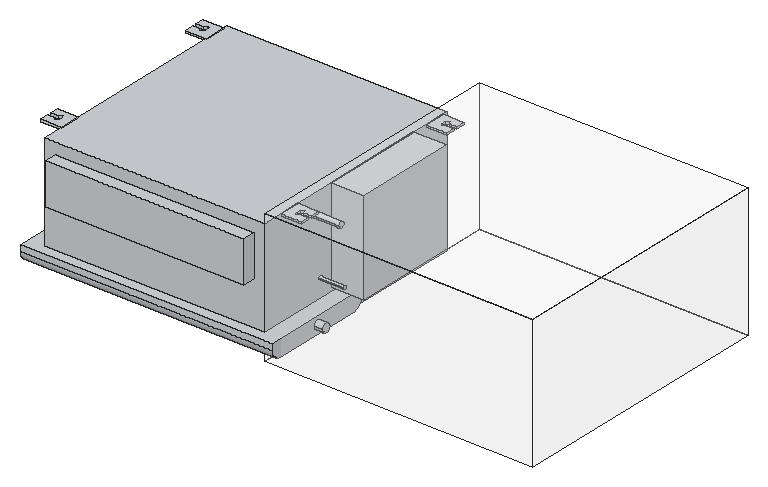
Revit family "pefy-p22_36mlg7(-r)_50Hz", category 機械設備, Revit 2019
Family settings
  丸型コネクタ寸法 = 直径を使用
  パーツ タイプ = 標準
  OmniClass 番号 = 23.75.10.24.21.27.27
  OmniClass タイトル = Split System Air Conditioning Units
  作業面ベース = いいえ
  常に垂直 = はい
  ロード時にボイドで切り取り = いいえ
  共有 = いいえ
  部屋計算ポイント = はい
Parameters (values of type "PEFY-P36MLG7-R")
  騒音レベル（弱）(dB) = 46
  騒音レベル（中）(dB) = 47
  風量（弱）（m3／min） = 4.8
  風量（中）（m3／min） = 5.8
  風量（m3／min） = 9.3
  音響パワーレベル(dB) = 53
  電圧_電気ヒーター = 0 V
  電動機出力_送風機 = 28 W
  運転質量 = 0.00 kg
  説明 = "ビル用マルチエアコン 室内ユニット 天井埋込形"
  設計暖房能力 [instance] = 0 kW
  設計冷房能力_顕熱 [instance] = 0 kW
  設計冷房能力 [instance] = 0 kW
  設置方法 = "天井吊(隠ぺい)形"
  製造元 = "三菱電機株式会社"
  製品質量 = 18.00 kg
  製品出荷対象 = "国内"
  製品リリース年月 = "2020年7月22日"
  製品グループ = ""
  表示 = no
  系統 [instance] = ""
  相_電気ヒーター = 1
  盤記号 [instance] = ""
  特殊仕様 [instance] = ""
  消費電力_電気ヒーター = 0 W
  消費電力_暖房 = 80 W
  消費電力_加湿器 = 0 W
  消費電力_冷房 = 80 W
  消費電力 = if(消費電力_冷房 > 消費電力_暖房, 消費電力_冷房, 消費電力_暖房) + 消費電力_加湿器 + 消費電力_電気ヒーター  # 80 W
  法定耐用年数 = "15"
  機外静圧 = 5.0 Pa
  極数 = 1
  材質 [instance] = ""
  形式_加湿器 = ""
  形式 = "天井吊（隠ぺい）形（両ダクト形）"
  幹線記号 [instance] = ""
  呼称 = "室内機_天井吊(隠ぺい)形(両ダクト形)"
  台数_手元リモコン [instance] = ""
  台数_冷媒分岐ユニット [instance] = ""
  参照している仕様書等のバージョン = "公共建築工事標準仕様書（機械設備工事編）平成31年度版"
  加湿給水管径 = 0.00 mm
  分類コード = "50053003221070"
  分類グループ = ""
  冷媒高低圧ガス管径 = 0.00 mm
  価格 = 0
  企業コード = "108420"
  付属品_フィルター = ""
  付属品 [instance] = ""
  仕様書バージョン = "Version1.0"
  モデル = "PEFY-P36MLG7-R"
  コメント [instance] = ""
  Keynote = ""
  Width = 530 mm
  Version = ""
  Uniclass2015Version = "Systems v1.9"
  Uniclass2015Title = "Split coil remote air cooled condensing units"
  Uniclass2015Code = "Pr_70_65_03_84"
  URL = "https://www.mitsubishielectric.co.jp/ldg/wink/ssl/displayProduct.do?pid=307519&ccd=2020121014"
  SpecificationReference = ""
  SpecificationDescription = ""
  風量 = MAX風量  # 558.0 m³/h
  電源種別 = ""
  電圧 = 200 V
  連動 = ""
  質量 = if(製品質量 > 運転質量, 製品質量, 運転質量) * 1.2  # 21.60 kg
  負荷分類 = 10_ファンコイル類
  記号 [instance] = ""
  符号 = "ACP-CID"
  積算_科目 = "1 空気調和設備"
  積算_拾い区分 [instance] = ""
  相 = 1
  発停方法 = ""
  火災停止 = ""
  本体マテリアル = none
  有効加湿量 = 0
  暖房能力 = 4 kW
  始動方式 = "直入"
  周波数 = 50 Hz
  冷房能力 = 3.6 kW
  冷媒管径符号 = "Ac"
  冷媒管径 = 100.00 mm
  冷媒液管径 = 6.35 mm
  冷媒ガス管径 = 12.70 mm
  ドレン管径 = 27.20 mm
  Revision = ""
  R-表示 = yes
  ProductInformation = ""
  OmniClassCode = "23-33 17 13 11"
  MIN風量 = 風量（弱）（m3／min） * 60.0 m³/h  # 288.0 m³/h
  MID風量 = 風量（中）（m3／min） * 60.0 m³/h  # 348.0 m³/h
  MAX風量 = 風量（m3／min） * 60.0 m³/h  # 558.0 m³/h
  IfcTypeProduct = ""
  IfcProduct = ""
  IfcExportType = "AIRCONDITIONINGUNIT"
  IfcExportAs = "IfcUnitaryEquipmentType"
  Height = 300 mm
  Depth = 550 mm
  Author = "三菱電機株式会社"
Types (6, lengths in mm): name | 騒音レベル（弱）(dB) | 騒音レベル（中）(dB) | 風量（m3／min） | 音響パワーレベル(dB) | 電動機出力_送風機 | 表示 | 消費電力_暖房 | 消費電力_冷房 | 消費電力 | モデル | URL | 風量 | 暖房能力 | 冷房能力 | R-表示 | MAX風量
  PEFY-P22MLG7 | 44 | 46 | 7.9 | 49 | 23 W | yes | 60 W | 60 W | 60 W | "PEFY-P22MLG7" | "https://www.mitsubishielectric.co.jp/ldg/wink/ssl/displayProduct.do?pid=307577" | 474.0 m³/h | 2.5 kW | 2.2 kW | no | 474.0 m³/h
  PEFY-P22MLG7-R | 44 | 46 | 7.9 | 49 | 23 W | no | 60 W | 60 W | 60 W | "PEFY-P22MLG7-R" | "https://www.mitsubishielectric.co.jp/ldg/wink/ssl/displayProduct.do?pid=307579&ccd=2020121014" | 474.0 m³/h | 2.5 kW | 2.2 kW | yes | 474.0 m³/h
  PEFY-P28MLG7 | 45 | 46 | 7.9 | 50 | 23 W | yes | 60 W | 60 W | 60 W | "PEFY-P28MLG7" | "https://www.mitsubishielectric.co.jp/ldg/wink/ssl/displayProduct.do?pid=307578&ccd=2020121014" | 474.0 m³/h | 3.2 kW | 2.8 kW | no | 474.0 m³/h
  PEFY-P28MLG7-R | 45 | 46 | 7.9 | 50 | 23 W | no | 60 W | 60 W | 60 W | "PEFY-P28MLG7-R" | "https://www.mitsubishielectric.co.jp/ldg/wink/ssl/displayProduct.do?pid=307518&ccd=2020121014" | 474.0 m³/h | 3.2 kW | 2.8 kW | yes | 474.0 m³/h
  PEFY-P36MLG7 | 46 | 47 | 9.3 | 53 | 28 W | yes | 80 W | 80 W | 80 W | "PEFY-P36MLG7" | "https://www.mitsubishielectric.co.jp/ldg/wink/ssl/displayProduct.do?pid=307509&ccd=2020121014" | 558.0 m³/h | 4 kW | 3.6 kW | no | 558.0 m³/h
  PEFY-P36MLG7-R | 46 | 47 | 9.3 | 53 | 28 W | no | 80 W | 80 W | 80 W | "PEFY-P36MLG7-R" | "https://www.mitsubishielectric.co.jp/ldg/wink/ssl/displayProduct.do?pid=307519&ccd=2020121014" | 558.0 m³/h | 4 kW | 3.6 kW | yes | 558.0 m³/h
Reference planes
  plane 1 "中心(正面/背面)": y = 0
  plane 2: z = 0
  plane 3 "中心(左/右)": x = 0
  plane 4 "左": x = -265
  plane 5 "右": x = 265
  plane 6 "正面": y = -275
  plane 7 "背面": y = 275
  plane 8: z = 300
  plane 9: z = 320
  plane 10: z = -20
  plane 11: y = 375
  plane 12: y = -375
  plane 13: x = -915
  plane 14: x = -465
  plane 15: x = 915
  plane 16: x = 465
Lines and regions (mm)
  Masking region 1, detail levels coarse+medium
    outline origin (0, 0, 0) x (1, 0, 0) y (0, 1, 0)
      loop
        line (-265, 275) -> (-265, -275) -> (265, -275) -> (265, 275) -> (-265, 275)
Dimensions and locks
  "Height": plane 8 to level
  equal spacing: plane 4 "左", plane 3 "中心(左/右)", plane 5 "右"
  "Width": plane 4 "左" to plane 5 "右"
  equal spacing: plane 6 "正面", plane 1 "中心(正面/背面)", plane 7 "背面"
  "Depth": plane 6 "正面" to plane 7 "背面"
  locked: plane 9 to plane 8 at 20
  locked: plane 2 to plane 10 at 20
  locked: plane 13 to plane 4 "左" at 650
  locked: plane 13 to plane 14 at 450
  locked: plane 6 "正面" to plane 11 at 650
  locked: plane 12 to plane 7 "背面" at 650
  locked: plane 5 "右" to plane 15 at 650
  locked: plane 16 to plane 15 at 450
  aligned and locked: level to plane 2
  aligned and locked: plane 10 to nested 3
  aligned and locked: plane 9 to nested 3
  aligned and locked: plane 2 to nested 4
  aligned and locked: plane 9 to nested 4
  aligned and locked: nested 2 to plane 3 "中心(左/右)"
  aligned and locked: nested 2 to plane 1 "中心(正面/背面)"
  aligned and locked: plane 15 to nested 4
  aligned and locked: plane 11 to nested 4
  aligned and locked: plane 5 "右" to nested 4
  aligned and locked: plane 6 "正面" to nested 4
  aligned and locked: plane 4 "左" to nested 3
  aligned and locked: plane 13 to nested 3
  aligned and locked: plane 1 "中心(正面/背面)" to nested 1
  aligned and locked: nested 1 to plane 3 "中心(左/右)"
  aligned and locked: plane 6 "正面" to nested 3
  aligned and locked: plane 11 to nested 3
Automatic sketch dimensions
  Masking region 1 sketch curve to plane 4 "左" = 0 mm
  Masking region 1 sketch curve to plane 5 "右" = 0 mm
  plane 6 "正面" to Masking region 1 sketch curve = 0 mm
  plane 7 "背面" to Masking region 1 sketch curve = 0 mm
Nested families
  nested 1: "PEFY-P-MLG" at (0, 0, 0) x (0, -1, 0) z (0, 0, 1), 表示 <- "表示", ①奥行き <- "Width", ①幅 <- "Depth", ①高さ <- "Height", ガス径 <- "冷媒ガス管径", ドレン径 <- "ドレン管径", 配管径 <- "冷媒管径", 液径 <- "冷媒液管径", type "PEFY-P-MLG"
    with 配管径 100 mm, 表示 no, 液径 6.35 mm, 液W 27 mm, 液H 153 mm, 液D 62 mm, 吊りボルトW 439 mm, 吊りボルトH 0 mm, 吊りボルトD 584 mm, 加湿器径 0 mm, 加湿器W 0 mm, 加湿器H 0 mm, 加湿器D 0 mm, ドレン径 27.2 mm, ドレンW 109 mm, ドレンH 252 mm, ドレンD 62 mm, ダクト高 100 mm, ダクト幅 480 mm, ガス径 12.7 mm, ガスW 139 mm, ガスH 37 mm, ガスD 75 mm, ①高さ 300 mm, ①幅 550 mm, ①奥行き 530 mm
  nested 2: "PEFY-P-MLG" at (0, 0, 0) x (0, -1, 0) z (0, 0, 1), 表示 <- "R-表示", type "PEFY-P-MLG"
    with 配管径 100 mm, 表示 yes, 液径 6.35 mm, 液W 27 mm, 液H 153 mm, 液D 62 mm, 吊りボルトW 439 mm, 吊りボルトH 0 mm, 吊りボルトD 584 mm, 加湿器径 0 mm, 加湿器W 0 mm, 加湿器H 0 mm, 加湿器D 0 mm, ドレン径 20 mm, ドレンW 109 mm, ドレンH 252 mm, ドレンD 62 mm, ダクト高 100 mm, ダクト幅 480 mm, ガス径 12.7 mm, ガスW 139 mm, ガスH 37 mm, ガスD 75 mm, ①高さ 300 mm, ①幅 550 mm, ①奥行き 530 mm
  nested 3: "サービススペース(PEFY-P-MLG)" at (-590, 50, 150), visible <- "表示", type "サービススペース(PEFY-P-MLG)"
    with Width 650 mm, Height 340 mm, Depth 650 mm
  nested 4: "サービススペース(PEFY-P-MLG)" at (590, 50, 160), visible <- "R-表示", type "サービススペース(PEFY-P-MLG)"
    with Width 650 mm, Height 320 mm, Depth 650 mm
Connectors
  electrical at (-345, 50, 187.5), driven by "極数", driven by "負荷分類", driven by "電圧", driven by "消費電力"
    settings: on nested 1, index 1, voltage 200 V, apparent load 80 VA, apparent load phase1 0 VA, apparent load phase2 0 VA, apparent load phase3 0 VA, power factor 1, load classification "10_ファンコイル類", number of poles 1, system type 30, power factor state 1, is connector primary yes, connector utility no, sub classification motor no, connector description ""
  piping at (-327, -166, 48), diameter 27.2, driven by "ドレン管径"
    settings: on nested 1, index 2, connector inside diameter 609.60 mm, connector length 0 mm, flow factor 0, pipe flow 0.0 L/s, pressure drop 0.0 Pa, fitting loss kfactor 0, connector angle 0.00°, fixture units 0, engagement length 0 mm, angle of deflection 0.00°, flow configuration 1, flow direction 2, fitting loss method 4, system type 16, joint type 0, gender type 0, connector reference index -1, connector utility 0, adjustable connector no, is connector primary yes, connector description ""
  piping at (-327, -109, 110), diameter 6.35, driven by "冷媒液管径"
    settings: on nested 1, index 3, connector inside diameter 609.60 mm, connector length 0 mm, flow factor 0, pipe flow 0.0 L/s, pressure drop 0.0 Pa, fitting loss kfactor 0, connector angle 0.00°, fixture units 0, engagement length 0 mm, angle of deflection 0.00°, flow configuration 1, flow direction 1, fitting loss method 4, system type 7, joint type 0, gender type 0, connector reference index -1, connector utility 0, adjustable connector no, is connector primary no, connector description ""
  piping at (-340, -136, 263), diameter 12.7, driven by "冷媒ガス管径"
    settings: on nested 1, index 4, connector inside diameter 609.60 mm, connector length 0 mm, flow factor 0, pipe flow 0.0 L/s, pressure drop 0.0 Pa, fitting loss kfactor 0, connector angle 0.00°, fixture units 0, engagement length 0 mm, angle of deflection 0.00°, flow configuration 1, flow direction 1, fitting loss method 4, system type 7, joint type 0, gender type 0, connector reference index -1, connector utility 0, adjustable connector no, is connector primary no, connector description ""
  electrical at (345, 50, 187.5), driven by "極数", driven by "負荷分類", driven by "電圧", driven by "消費電力"
    settings: on nested 2, index 5, voltage 200 V, apparent load 80 VA, apparent load phase1 0 VA, apparent load phase2 0 VA, apparent load phase3 0 VA, power factor 1, load classification "10_ファンコイル類", number of poles 1, system type 30, power factor state 1, is connector primary no, connector utility no, sub classification motor no, connector description ""
  piping at (327, -166, 48), diameter 27.2, driven by "ドレン管径"
    settings: on nested 2, index 6, connector inside diameter 609.60 mm, connector length 0 mm, flow factor 0, pipe flow 0.0 L/s, pressure drop 0.0 Pa, fitting loss kfactor 0, connector angle 0.00°, fixture units 0, engagement length 0 mm, angle of deflection 0.00°, flow configuration 1, flow direction 2, fitting loss method 4, system type 16, joint type 0, gender type 0, connector reference index -1, connector utility 0, adjustable connector no, is connector primary no, connector description ""
  piping at (327, -109, 110), diameter 6.35, driven by "冷媒液管径"
    settings: on nested 2, index 7, connector inside diameter 609.60 mm, connector length 0 mm, flow factor 0, pipe flow 0.0 L/s, pressure drop 0.0 Pa, fitting loss kfactor 0, connector angle 0.00°, fixture units 0, engagement length 0 mm, angle of deflection 0.00°, flow configuration 1, flow direction 1, fitting loss method 4, system type 7, joint type 0, gender type 0, connector reference index -1, connector utility 0, adjustable connector no, is connector primary no, connector description ""
  piping at (340, -136, 263), diameter 12.7, driven by "冷媒ガス管径"
    settings: on nested 2, index 8, connector inside diameter 609.60 mm, connector length 0 mm, flow factor 0, pipe flow 0.0 L/s, pressure drop 0.0 Pa, fitting loss kfactor 0, connector angle 0.00°, fixture units 0, engagement length 0 mm, angle of deflection 0.00°, flow configuration 1, flow direction 1, fitting loss method 4, system type 7, joint type 0, gender type 0, connector reference index -1, connector utility 0, adjustable connector no, is connector primary no, connector description ""
Definition of nested family "PEFY-P-MLG"
  Parameters (values of type "PEFY-P-MLG")
    表示 [instance] = yes
    加湿器径 [instance] = 0 mm
    加湿器W [instance] = 0 mm
    加湿器H [instance] = 0 mm
    加湿器D [instance] = 0 mm
    液径 [instance] = 6.35 mm
    吊りボルトW [instance] = 439 mm
    吊りボルトH [instance] = 0 mm
    吊りボルトD [instance] = 584 mm
    配管径 [instance] = 100 mm
    液W [instance] = 27 mm
    液H [instance] = 153 mm
    液D [instance] = 62 mm
    ドレン径 [instance] = 20 mm
    ドレンW [instance] = 109 mm
    ドレンH [instance] = 252 mm
    ドレンD [instance] = 62 mm
    ダクト高 [instance] = 100 mm
    ダクト幅 [instance] = 480 mm
    ガス径 [instance] = 12.7 mm
    ガスW [instance] = 139 mm
    ガスH [instance] = 37 mm
    ガスD [instance] = 75 mm
    ①幅 [instance] = 550 mm
    ①高さ [instance] = 300 mm
    ①奥行き [instance] = 530 mm
  Reference planes
    plane 1 "中心(正面/背面)": y = 0
    plane 2: z = 0
    plane 3 "中心(左/右)": x = 0
    plane 4: x = -275
    plane 5: x = 275
    plane 6: y = 265
    plane 7: y = -265
    plane 8: z = 300
    plane 9: y = 292
    plane 10: y = -292
    plane 11: x = -239
    plane 12: x = 200
    plane 13: z = 295
    plane 14: x = 305
    plane 15: x = -214
    plane 16: x = -264
    plane 17: x = 175
    plane 18: x = 225
    plane 19: y = 315
    plane 20: y = -315
    plane 21: y = -345
    plane 22: z = 75
    plane 23: z = 25
    plane 24: x = 32
    plane 25: x = 75
    plane 26: x = -175
    plane 27: y = 305
    plane 28: y = -305
    plane 29: x = 300
    plane 30: x = 166
    plane 31: z = 65
    plane 32: z = 48
    plane 33: y = -327
    plane 34: y = -240
    plane 35: y = 240
    plane 36: z = 272
    plane 37: z = 172
    plane 38: y = -340
    plane 39: x = 109
    plane 40: x = 136
    plane 41: z = 263
    plane 42: z = 110
  Forms (mm)
    Extrusion 1, solid, visible <- "表示", detail levels fine
      sketch origin (0, 0, 0) x (1, 0, 0) y (0, 1, 0)
        loop
          line (-275, 265) -> (-275, -265) -> (275, -265) -> (275, 265) -> (-275, 265)
      from 75 to 300
    Extrusion 2, solid, visible <- "表示", detail levels fine
      sketch origin (0, 0, 0) x (1, 0, 0) y (0, 1, 0)
        loop
          line (-264, 315) -> (-264, 265) -> (-214, 265) -> (-214, 315) -> (-234, 315) -> (-234, 297)
          arc (-234, 297) -> (-229, 292) -> (-234, 287) r 5
          line (-234, 287) -> (-244, 287)
          arc (-244, 287) -> (-249, 292) -> (-244, 297) r 5
          line (-244, 297) -> (-244, 315) -> (-264, 315)
        loop
          line (-264, -315) -> (-244, -315) -> (-244, -297)
          arc (-244, -297) -> (-249, -292) -> (-244, -287) r 5
          line (-244, -287) -> (-234, -287)
          arc (-234, -287) -> (-229, -292) -> (-234, -297) r 5
          line (-234, -297) -> (-234, -315) -> (-214, -315) -> (-214, -265) -> (-264, -265) -> (-264, -315)
        loop
          line (175, 315) -> (175, 265) -> (225, 265) -> (225, 315) -> (205, 315) -> (205, 297)
          arc (205, 297) -> (210, 292) -> (205, 287) r 5
          line (205, 287) -> (195, 287)
          arc (195, 287) -> (190, 292) -> (195, 297) r 5
          line (195, 297) -> (195, 315) -> (175, 315)
        loop
          line (175, -315) -> (195, -315) -> (195, -297)
          arc (195, -297) -> (190, -292) -> (195, -287) r 5
          line (195, -287) -> (205, -287)
          arc (205, -287) -> (210, -292) -> (205, -297) r 5
          line (205, -297) -> (205, -315) -> (225, -315) -> (225, -265) -> (175, -265) -> (175, -315)
      from 295 to 300
    Extrusion 3, solid, visible <- "表示", detail levels fine
      sketch origin (0, 0, 0) x (1, 0, 0) y (0, 1, 0)
        loop
          line (0, 265) -> (-275, 265) -> (-275, -265) -> (0, -265) -> (0, 265)
      from 0 to 75
    Extrusion 4, solid, visible <- "表示", detail levels fine
      sketch origin (0, 0, 0) x (1, 0, 0) y (0, 0, 1)
        loop
          line (-175, 300) -> (-175, 75) -> (75, 75) -> (75, 300) -> (-175, 300)
      from 265 to 345
    Extrusion 5, solid, visible <- "表示", detail levels fine
      sketch origin (0, 0, 0) x (1, 0, 0) y (0, 0, 1)
        loop
          line (32, 65) -> (32, 50)
          arc (32, 50) -> (39.322, 32.322) -> (57, 25) r 25
          line (57, 25) -> (275, 25)
          arc (275, 25) -> (292.678, 32.322) -> (300, 50) r 25
          line (300, 50) -> (300, 65) -> (32, 65)
      from -305 to 305
    Extrusion 6, solid, visible <- "表示", detail levels fine
      sketch origin (0, 0, 0) x (1, 0, 0) y (0, 0, 1)
        loop
          circle (166, 48) r 10
      from 305 to 327
    Extrusion 7, solid, visible <- "表示", detail levels fine
      sketch origin (0, 0, 0) x (1, 0, 0) y (0, 1, 0)
        loop
          line (275, 265) -> (55, 265) -> (55, -265) -> (275, -265) -> (275, 265)
      from 65 to 75
    Extrusion 8, solid, visible <- "表示", detail levels fine
      sketch origin (0, 0, 0) x (0, 1, 0) y (0, 0, 1)
        loop
          line (240, 272) -> (-240, 272) -> (-240, 172) -> (240, 172) -> (240, 272)
      from 275 to 305
    Extrusion 9, solid, visible <- "表示", detail levels fine
      sketch origin (0, 0, 0) x (1, 0, 0) y (0, 0, 1)
        loop
          circle (136, 263) r 6.35
      from 265 to 340
    Extrusion 10, solid, visible <- "表示", detail levels fine
      sketch origin (0, 0, 0) x (1, 0, 0) y (0, 0, 1)
        loop
          circle (109, 110) r 3.175
      from 265 to 327
  Cuts and joins
    joined: Extrusion 1, Extrusion 3, Extrusion 7
  Dimensions and locks
    equal spacing: plane 7, plane 1 "中心(正面/背面)", plane 6
    "①奥行き": plane 7 to plane 6
    equal spacing: plane 4, plane 3 "中心(左/右)", plane 5
    "①幅": plane 4 to plane 5
    "吊りボルトW": plane 11 to plane 12
    locked: plane 8 to plane 13 at 5
    "吊りボルトD": plane 10 to plane 9
    equal spacing: plane 10, plane 1 "中心(正面/背面)", plane 9
    locked: plane 5 to plane 14 at 30
    locked: plane 12 to plane 14 at 105
    locked: plane 20 to plane 7 at 50
    locked: plane 6 to plane 19 at 50
    plane 16 to plane 11 to plane 15 = 25 mm locked, 25 mm locked
    plane 17 to plane 12 to plane 18 = 25 mm locked, 25 mm locked
    locked: plane 21 to plane 7 at 80
    "①高さ": plane 8 to level
    locked: plane 8 to plane 22 at 225
    locked: plane 4 to plane 26 at 100
    locked: plane 26 to plane 25 at 250
    locked: plane 21 to plane 27 at 650
    locked: plane 28 to plane 7 at 40
    plane 6 to plane 27 = 40 mm
    locked: plane 5 to plane 29 at 25
    locked: plane 24 to plane 29 at 268
    "ドレンW": plane 5 to plane 30
    locked: plane 22 to plane 31 at 10
    locked: plane 22 to plane 23 at 50
    "ドレンH": plane 8 to plane 32
    "ドレンD": plane 33 to plane 7
    locked: plane 7 to plane 34 at 25
    "ダクト幅": plane 34 to plane 35
    locked: plane 8 to plane 36 at 28
    "ダクト高": plane 36 to plane 37
    "ガスD": plane 38 to plane 7
    "ガスW": plane 5 to plane 40
    "液W": plane 40 to plane 39
    "ガスH": plane 8 to plane 41
    "液H": plane 41 to plane 42
    "ドレン径": diameter of Extrusion 6 sketch curve
    "ガス径": diameter of Extrusion 9 sketch curve
    "液径": diameter of Extrusion 10 sketch curve
    aligned and locked: level to plane 2
    aligned and locked: plane 6 to Extrusion 1 sketch curve
    aligned and locked: plane 4 to Extrusion 1 sketch curve
    aligned and locked: Extrusion 1 sketch curve to plane 7
    aligned and locked: Extrusion 1 sketch curve to plane 5
    aligned and locked: plane 8 to Extrusion 1
    aligned and locked: plane 10 to nested 1
    aligned and locked: plane 11 to nested 1
    aligned and locked: plane 12 to nested 1
    aligned and locked: nested 1 to plane 9
    aligned and locked: plane 19 to Extrusion 2 sketch curve  (x4)
    aligned and locked: plane 16 to Extrusion 2 sketch curve
    aligned and locked: Extrusion 2 sketch curve to plane 6  (x2)
    aligned and locked: Extrusion 2 sketch curve to plane 15
    aligned and locked: plane 9 to Extrusion 2 sketch curve  (x4)
    aligned and locked: Extrusion 2 sketch curve to plane 18
    aligned and locked: plane 17 to Extrusion 2 sketch curve
    aligned and locked: Extrusion 2 sketch curve to plane 16
    aligned and locked: Extrusion 2 sketch curve to plane 7  (x2)
    aligned and locked: plane 15 to Extrusion 2 sketch curve
    aligned and locked: plane 20 to Extrusion 2 sketch curve  (x4)
    aligned and locked: plane 10 to Extrusion 2 sketch curve  (x4)
    aligned and locked: plane 18 to Extrusion 2 sketch curve
    aligned and locked: Extrusion 2 sketch curve to plane 17
    aligned and locked: plane 8 to Extrusion 2
    aligned and locked: Extrusion 2 to plane 13
    aligned and locked: Extrusion 1 to plane 22
    aligned and locked: Extrusion 1 to Extrusion 3 sketch curve
    aligned and locked: plane 3 "中心(左/右)" to Extrusion 3 sketch curve
    aligned and locked: Extrusion 3 sketch curve to Extrusion 1  (x2)
    aligned and locked: Extrusion 3 to Extrusion 1
    aligned and locked: Extrusion 4 sketch curve to plane 8
    aligned and locked: plane 26 to Extrusion 4 sketch curve
    aligned and locked: plane 22 to Extrusion 4 sketch curve
    aligned and locked: Extrusion 4 sketch curve to plane 25
    aligned and locked: plane 21 to Extrusion 4
    aligned and locked: Extrusion 4 to plane 7
    aligned and locked: Extrusion 5 sketch curve to plane 31
    aligned and locked: Extrusion 5 sketch curve to plane 24
    aligned and locked: Extrusion 5 sketch curve to plane 29
    aligned and locked: Extrusion 5 sketch curve to plane 23
    aligned and locked: plane 32 to Extrusion 6 sketch curve
    aligned and locked: plane 30 to Extrusion 6 sketch curve
    aligned and locked: plane 28 to Extrusion 5
    aligned and locked: Extrusion 5 to plane 27
    aligned and locked: plane 33 to Extrusion 6
    aligned and locked: Extrusion 6 to plane 28
    aligned and locked: Extrusion 7 sketch curve to plane 5
    aligned and locked: Extrusion 7 sketch curve to plane 6
    aligned and locked: Extrusion 7 sketch curve to plane 7
    aligned and locked: Extrusion 7 to plane 31
    aligned and locked: plane 22 to Extrusion 7
    aligned and locked: plane 36 to Extrusion 8 sketch curve
    aligned and locked: Extrusion 8 sketch curve to plane 37
    aligned and locked: plane 34 to Extrusion 8 sketch curve
    aligned and locked: Extrusion 8 to plane 5
    aligned and locked: plane 14 to Extrusion 8
    aligned and locked: plane 41 to Extrusion 9 sketch curve
    aligned and locked: plane 40 to Extrusion 9 sketch curve
    aligned and locked: plane 39 to Extrusion 10 sketch curve
    aligned and locked: plane 42 to Extrusion 10 sketch curve
    aligned and locked: Extrusion 10 to Extrusion 6
    aligned and locked: Extrusion 10 to plane 7
    aligned and locked: Extrusion 9 to plane 7
    aligned and locked: plane 38 to Extrusion 9
  Automatic sketch dimensions
    Extrusion 2 sketch curve to plane 11 = 5 mm  (x4)
    plane 11 to Extrusion 2 sketch curve = 5 mm  (x3)
    Extrusion 2 sketch curve to plane 12 = 5 mm  (x3)
    plane 12 to Extrusion 2 sketch curve = 5 mm  (x3)
    Extrusion 2 sketch curve to Extrusion 2 sketch curve = 5 mm  (x2)
    plane 9 to Extrusion 2 sketch curve = 5 mm  (x2)
    Extrusion 2 sketch curve to Extrusion 2 sketch curve = 0 mm
    Extrusion 5 sketch curve to plane 31 = 15 mm
    Extrusion 5 sketch curve to plane 5 = 0 mm
    Extrusion 7 sketch curve to plane 25 = 20 mm
    Extrusion 8 sketch curve to plane 35 = 0 mm
  Nested families
    nested 1: "固定点" at (-239, -292, 0), visible <- "表示", type "固定点", detail levels fine
      with W 439 mm, D 584 mm, 中心円 10 mm
  Definition of nested family "固定点"
    Parameters (values of type "固定点")
      中心円 = 20 mm
      W [instance] = 1000 mm
      D [instance] = 1000 mm
    Reference planes
      plane 1 "中心(正面/背面)": y = 0
      plane 2: z = 0
      plane 3 "中心(左/右)": x = 0
      plane 4: x = 1000
      plane 5: y = 1000
    Lines and regions (mm)
      symbolic lines, detail levels fine
        curve 1: circle (0, 1000, 0) r 10 normal (0, 0, 1)
        curve 2: circle (0, 0, 0) r 10 normal (0, 0, 1)
        curve 3: circle (1000, 1000, 0) r 10 normal (0, 0, 1)
        curve 4: circle (1000, 0, 0) r 10 normal (0, 0, 1)
        curve 5: line (-200, 1000, 0) -> (1200, 1000, 0)
        curve 6: line (-200, 0, 0) -> (1200, 0, 0)
        curve 7: line (0, 1200, 0) -> (0, -200, 0)
        curve 8: line (1000, 1200, 0) -> (1000, -200, 0)
    Dimensions and locks
      "W": plane 3 "中心(左/右)" to plane 4
      "D": plane 1 "中心(正面/背面)" to plane 5
      "中心円": diameter of curve 1
      "中心円": diameter of curve 2
      "中心円": diameter of curve 3
      "中心円": diameter of curve 4
      aligned and locked: level to plane 2
      aligned and locked: plane 5 to curve 1
      aligned and locked: plane 3 "中心(左/右)" to curve 1
      aligned and locked: plane 3 "中心(左/右)" to curve 2
      aligned and locked: plane 1 "中心(正面/背面)" to curve 2
      aligned and locked: plane 4 to curve 3
      aligned and locked: plane 5 to curve 3
      aligned and locked: plane 1 "中心(正面/背面)" to curve 4
      aligned and locked: plane 4 to curve 4
      aligned and locked: plane 1 "中心(正面/背面)" to curve 6
      aligned and locked: curve 7 to plane 3 "中心(左/右)"
      aligned and locked: curve 8 to plane 4
    Automatic sketch dimensions
      curve 5 to plane 5 = 0 mm
      curve 6 to plane 3 "中心(左/右)" = 200 mm
      curve 5 to plane 3 "中心(左/右)" = 200 mm
      curve 4 to curve 6 = 200 mm
      curve 3 to curve 5 = 200 mm
      plane 1 "中心(正面/背面)" to curve 8 = 200 mm
      plane 1 "中心(正面/背面)" to curve 7 = 200 mm
      curve 3 to curve 8 = 200 mm
      curve 1 to curve 7 = 200 mm
Definition of nested family "サービススペース(PEFY-P-MLG)"
  Parameters (values of type "サービススペース")
    Width [instance] = 500 mm
    Height [instance] = 500 mm
    Depth [instance] = 500 mm
  Reference planes
    plane 1 "中心(正面/背面)": y = 0
    plane 2: z = 0
    plane 3 "中心(左/右)": x = 0
    plane 4: y = -250
    plane 5: x = 250
    plane 6: y = 250
    plane 7: x = -250
    plane 8: z = 250
    plane 9: z = -250
  Forms (mm)
    Extrusion 1, solid
      sketch origin (-638.939, 0, 72.39) x (1, 0, 0) y (0, 1, 0)
        loop
          line (388.939, 250) -> (388.939, -250) -> (888.939, -250) -> (888.939, 250) -> (388.939, 250)
      from -322.39 to 177.61
  Lines and regions (mm)
    symbolic lines
      curve 1: line (-250, 0, 250) -> (250, 0, 250)
      curve 2: line (-250, 0, -250) -> (-250, 0, 250)
      curve 3: line (250, 0, -250) -> (-250, 0, -250)
      curve 4: line (250, 0, 250) -> (250, 0, -250)
      curve 5: line (0, -250, 250) -> (0, 250, 250)
      curve 6: line (0, -250, -250) -> (0, -250, 250)
      curve 7: line (0, 250, -250) -> (0, -250, -250)
      curve 8: line (0, 250, 250) -> (0, 250, -250)
      curve 9: line (-250, 250, 0) -> (250, 250, 0)
      curve 10: line (-250, -250, 0) -> (-250, 250, 0)
      curve 11: line (250, -250, 0) -> (-250, -250, 0)
      curve 12: line (250, 250, 0) -> (250, -250, 0)
  Dimensions and locks
    equal spacing: plane 7, plane 3 "中心(左/右)", plane 5
    equal spacing: plane 4, plane 1 "中心(正面/背面)", plane 6
    "Depth": plane 4 to plane 6
    "Width": plane 7 to plane 5
    equal spacing: plane 8, plane 2, plane 9
    "Height": plane 8 to plane 9
    aligned and locked: plane 9 to curve 3
    aligned and locked: plane 7 to curve 2
    aligned and locked: curve 4 to plane 5
    aligned and locked: plane 5 to Extrusion 1
    aligned and locked: Extrusion 1 to plane 7
    aligned and locked: Extrusion 1 to plane 9
    aligned and locked: plane 8 to Extrusion 1
    aligned and locked: plane 9 to curve 7
  Automatic sketch dimensions
    plane 4 to Extrusion 1 sketch curve = 0 mm
    Extrusion 1 sketch curve to plane 7 = 0 mm
    Extrusion 1 sketch curve to plane 5 = 0 mm
    plane 6 to Extrusion 1 sketch curve = 0 mm
    curve 2 to plane 8 = 0 mm
    plane 4 to curve 11 = 0 mm
    curve 11 to plane 7 = 0 mm
    curve 11 to plane 5 = 0 mm
    plane 6 to curve 10 = 0 mm
    curve 7 to plane 4 = 0 mm
    curve 7 to plane 6 = 0 mm
    curve 6 to plane 8 = 0 mm
